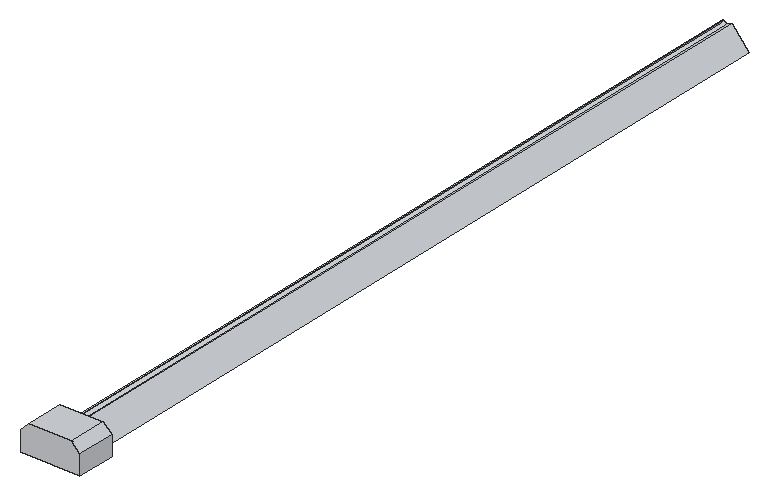
Revit family "DX3-20-60", category Mechanical Equipment, Revit 2012
Parameters
  Weight = "120 Pounds"
  Voltage = 120 V
  URL = "www.DetroitRadiant.com"
  Top Clearance = 0' - 6"
  Stage = "Single"
  Side Clearance = 0' - 9"
  Recommended Mounting Height = "10' to 16'"
  Model = "DX3-20-60"
  Material (Radiant Tubes) = "Black Coated Aluminized Steel"
  Material (Combustion Tube) = "Black Coated Aluminized Steel"
  Manufacturer = "Detroit Radiant Products Company"
  Length = 21' - 9"
  Heat Gain (High Fire) = 60000.0 Btu/h
  Gas Type = "N or LP"
  Frequency = 60 Hz
  Below Clearance = 3' - 11"
Reference planes (in)
  plane 1 "Center (Front/Back)": y = 0
  plane 2: z = 0
  plane 3 "Center (Left/Right)": x = 0
Dimensions and locks (in)
  aligned and locked: plane 2 to level
Nested families (in)
  nested 1: "V3 Box With 20' Tube Assembly" at (0, 0, 0) x (-1, 0, 0) z (0, 0, 1), type "Infra-Red"
Definition of nested family "V3 Box With 20' Tube Assembly"
  Parameters (values of type "Infra-Red")
    Weight = ""
    Voltage = 0 V
    URL = "www.DetroitRadiant.com"
    Top Clearance = 0' - 0"
    Stage = ""
    Side Clearances = 0' - 0"
    Recommended Mounting Height = ""
    Material = ""
    Manufacturer = "Detroit Radiant Products Company"
    Length = 0' - 0"
    Heat Gain (Low Fire) = 0.0 Btu/h
    Heat Gain (High Fire) = 0.0 Btu/h
    Gas Type = ""
    Frequency = 0 Hz
    Current = 0 A
    Below Clearance = 0' - 0"
    Back Clearance = 0' - 0"
    Apparent Power = 0 VA
  Reference planes (in)
    plane 1 "Center (Front/Back)": y = 0
    plane 2: z = 0
    plane 3 "Center (Left/Right)": x = 0
  Forms (in)
    Extrusion 1, solid
      sketch origin (0, 0, 0) x (1, 0, 0) y (0, 0, 1)
        loop
          line (-6.375, 8.625) -> (-9, 6) -> (-9, 0) -> (9.5, 0) -> (9.5, 6) -> (6.875, 8.625) -> (-6.375, 8.625)
      from 12 to 0
    Extrusion 2, solid
      sketch origin (0, -5, 0) x (1, 0, 0) y (0, 0, 1)
        loop
          line (-6.25, 1.1425) -> (-6, 1.1425) -> (-1.00787, 7.21737) -> (0.25, 6.625) -> (1.50787, 7.21737) -> (6.5, 1.1425) -> (6.75, 1.1425) -> (1.54, 7.4825) -> (0.25, 6.875) -> (-1.04, 7.4825) -> (-6.25, 1.1425)
      from 256 to 7
  Lines and regions (in)
    model lines
      curve 1: line (-9, 0, 0) -> (9.5, 0, 0)
  Dimensions and locks (in)
    aligned and locked: plane 2 to level
  Nested families (in)
    nested 1: "10' Tube (Black)" at (13.81098, -247, 0) x (0, 1, 0) z (0, 0, 1), type "10' Burner"
    nested 2: "10'" at (13.81098, -128, 0) x (0, 1, 0) z (0, 0, 1), type "10' Burner"
  Definition of nested family "10' Tube (Black)"
    Parameters (values of type "10' Burner")
      h = 0.0 Btu/h
      Tube = none
      Reflector = none
      Heating = 50000 VA  # 170607.1 Btu/h
      Hanger = none
    Reference planes (in)
      plane 1 "Center (Front/Back)": y = 0
      plane 2: z = 0
      plane 3 "Center (Left/Right)": x = 0
    Forms (in)
      Extrusion 1, solid, material "Default 3"
        sketch origin (99, 292.12195, 0) x (0, -1, 0) y (0, 0, 1)
          loop
            circle (278.56098, 1.61442) r 2
          loop
            circle (278.56098, 1.61442) r 1.80078
        from 109 to 0
      Extrusion 2, solid, material "Default 3"
        sketch origin (-14, -265, 0) x (0, 1, 0) y (0, 0, 1)
          loop
            circle (278.56098, 1.61442) r 1.60156
          loop
            circle (278.56098, 1.61442) r 1.80078
        from 4 to 0
    Lines and regions (in)
      model lines
        curve 1: circle (0, 13.56098, 1.61442) r 1.80078 normal (1, 0, 0)
        curve 2: circle (0, 13.56098, 1.61442) r 1.60156 normal (1, 0, 0)
    Dimensions and locks (in)
      aligned and locked: plane 2 to level
  Definition of nested family "10'"
    Parameters (values of type "Tube")
      h = 0.0 Btu/h
      Tube = none
      Reflector = none
      Heating = 50000 VA  # 170607.1 Btu/h
      Hanger = none
    Types (2): name
      10' Burner
      Tube
    Reference planes (in)
      plane 1 "Center (Front/Back)": y = 0
      plane 2: z = 0
      plane 3 "Center (Left/Right)": x = 0
    Forms (in)
      Extrusion 1, solid, material "Default 3"
        sketch origin (116, 292.12195, 0) x (0, -1, 0) y (0, 0, 1)
          loop
            circle (278.56098, 1.61442) r 2
          loop
            circle (278.56098, 1.61442) r 1.80078
        from 136 to 0
      Extrusion 2, solid, material "Default 3"
        sketch origin (-24, -265, 0) x (0, 1, 0) y (0, 0, 1)
          loop
            circle (278.56098, 1.61442) r 1.60156
          loop
            circle (278.56098, 1.61442) r 1.80078
        from 4 to 0
    Lines and regions (in)
      model lines
        curve 1: circle (0, 13.56098, 1.61442) r 1.80078 normal (1, 0, 0)
        curve 2: circle (0, 13.56098, 1.61442) r 1.60156 normal (1, 0, 0)
    Dimensions and locks (in)
      aligned and locked: plane 2 to level
